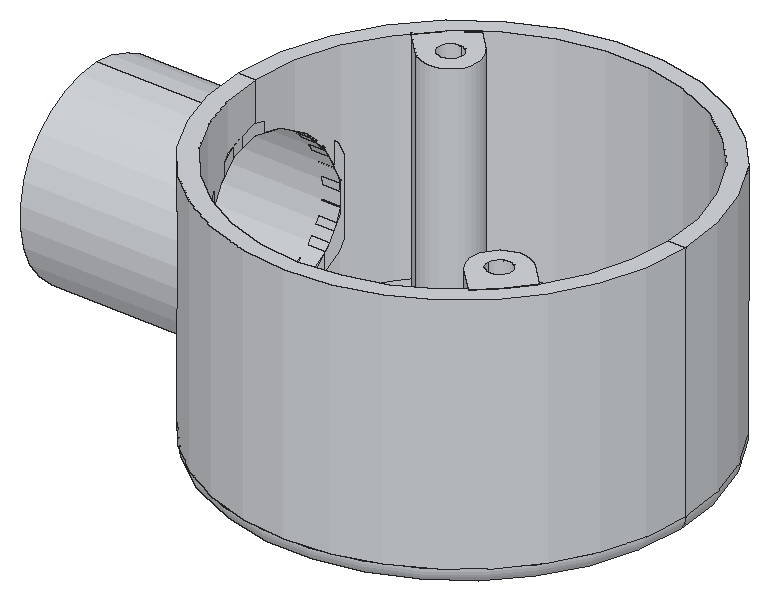
Revit family "PB11B", category Generic Models, Revit 2017
Family settings
  Can host rebar = No
  Round Connector Dimension = Use Diameter
  Part Type = Normal
  Work Plane-Based = Yes
  Always vertical = No
  Cut with Voids When Loaded = No
  Shared = No
  Room Calculation Point = No
Parameters (values of type "NBS Standard Parameters")
  Weight = "0.055Kg"
  WarrantyStartDate [instance] = "1900-12-31T23:59:59"
  WarrantyGuarantorParts = "n/a"
  WarrantyGuarantorLabor = "n/a"
  WarrantyDurationUnit = "1 year"
  WarrantyDurationParts = "n/a"
  WarrantyDurationLabor = "n/a"
  WarrantyDescription = "n/a"
  Version = "1"
  Uniclass2 = "Pr_65_70_11_20"
  TagNumber [instance] = "n/a"
  SustainabilityPerformance = "n/a"
  Size = "25mm"
  Shape = "Circular"
  SerialNumber [instance] = "n/a"
  Revision = "n/a"
  ReplacementCost = "n/a"
  ProductInformation = "www.metpro.co.uk/pdf/PB11w.pdf"
  NominalWidth = 66 mm
  NominalLength = 66 mm
  NominalHeight = 35 mm
  Name = ""
  NBSTypeID = ""
  NBSReference = "90-55-10/460"
  NBSOfficeMasterTag = ""
  NBSNote = ""
  NBSDescription = "Conduit Fittings"
  NBSCertification = ""
  ModelReference = "PB11B"
  ModelNumber = "n/a"
  Material = "PVC"
  ManufacturerURL = "www.metpro.co.uk"
  ManufacturerName = "Metpro Ltd"
  Keynote = "Manufactured to BS4607 Part 1"
  InstallationDate [instance] = "1900-12-31T23:59:59"
  IfcExportType = ""
  IfcExportAs = ""
  Grade = "n/a"
  Finish = "Black"
  Features = "n/a"
  ExpectedLife = "n/a"
  DurationUnit = "year"
  Description = "PB11/B - 25mm Terminal PVC Conduit Box"
  Default Elevation = 1219.2 mm
  Constituents = "n/a"
  Color = "n/a"
  CodePerformance = "n/a"
  Category = "n/a"
  BarCode [instance] = "n/a"
  BIMObjectName = "Metpro_metprolibrary_conduitfittings_PVC components_circularjunctionbox"
  Author = "Metpro Ltd"
  AssetType = ""
  AssetIdentifier [instance] = "n/a"
  AccessibilityPerformance = "n/a"
Reference planes
  plane 1 "Center (Front/Back)": y = 0
  plane 2: z = 0
  plane 3 "Center (Left/Right)": x = 0
Forms (mm)
  Revolve 1, solid
    sketch origin (21.47, 96.484, -28.771) x (1, 0, 0) y (0, 0, 1)
      loop
        line (-32.5, 47.541) -> (-32.5, 12.5)
        arc (-32.5, 12.5) -> (-31.768, 10.732) -> (-30, 10) r 2.5
        line (-30, 10) -> (0, 10) -> (0, 12.541) -> (-27, 12.541)
        arc (-27, 12.541) -> (-29.121, 13.42) -> (-30, 15.541) r 3
        line (-30, 15.541) -> (-30, 47.541) -> (-32.5, 47.541)
      axis (0, 10) -> (0, 47.541)
    angle from 0 to 360
  Extrusion 2, solid
    sketch origin (21.47, 96.484, 18.771) x (0, 1, 0) y (-1, 0, 0)
      loop
        arc (-13.805, -21.577) -> (-13.887, -16.02) -> (-19.441, -15.821) r 4.033
        line (-19.441, -15.821) -> (-22.946, -19.326)
        arc (-22.946, -19.326) -> (-20.14, -22.235) -> (-16.968, -24.74) r 30
        line (-16.968, -24.74) -> (-13.805, -21.577)
      loop
        circle (-16.769, -18.842) r 1.752
      loop
        line (21.577, 13.805) -> (24.74, 16.968)
        arc (24.74, 16.968) -> (22.235, 20.14) -> (19.326, 22.946) r 30
        line (19.326, 22.946) -> (15.821, 19.441)
        arc (15.821, 19.441) -> (16.02, 13.887) -> (21.577, 13.805) r 4.033
      loop
        circle (18.842, 16.769) r 1.752
    from -35.699 to 0
  Extrusion 3, void
    sketch origin (21.47, 96.484, -28.771) x (0, 0, 1) y (0, -1, 0)
      loop
        circle (27.754, 0.168) r 12.5
    from -53 to 4.707
  Extrusion 4, solid
    sketch origin (19.97, 96.484, -27.521) x (0, 0, 1) y (0, 1, 0)
      loop
        circle (26.504, -0.168) r 12.5
      loop
        circle (26.504, -0.168) r 14
    from 24.792 to 51.5
  Extrusion 5, void
    sketch origin (21.47, 96.484, 18.771) x (-1, 0, 0) y (0, 1, 0)
      loop
        arc (21.381, -21.044) -> (29.886, -2.615) -> (24.71, 17.012) r 30
        arc (24.71, 17.012) -> (21.435, -1.875) -> (21.381, -21.044) r 113.612
    from 0 to 35.699
Cuts and joins
  Extrusion 3 cuts Revolve 1
  Extrusion 3, Extrusion 5 cuts Extrusion 4
Dimensions and locks
  aligned and locked: level to plane 2
